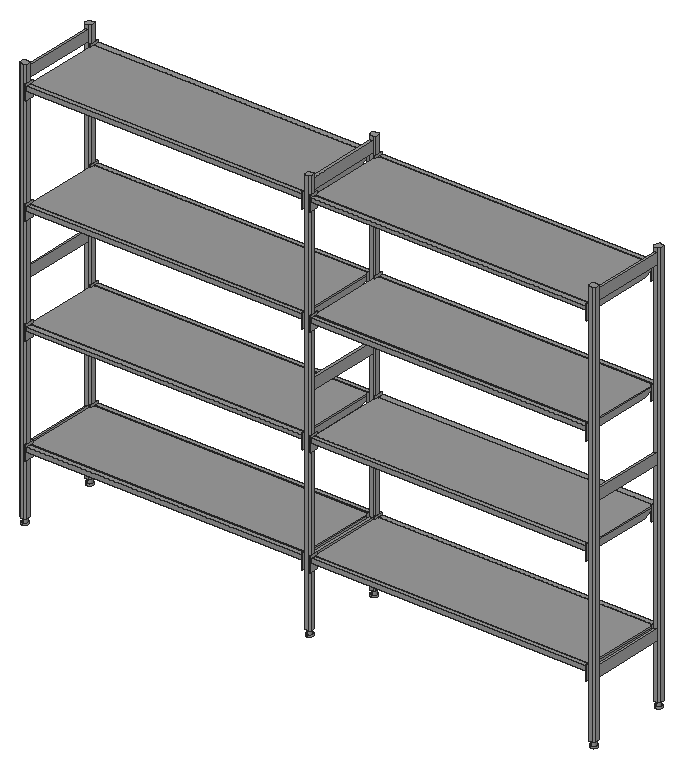
Revit family "QF_ZANUSSI_137026_ALS2404", category Attrezzature speciali, Revit 2020
Family settings
  Quota connettore circolare = Usa diametro
  Tipo di parte = Normale
  Basato su piano di lavoro = No
  Sempre verticale = Sì
  Taglio con vuoti quando caricato = No
  Condiviso = No
  Punto di calcolo locali = No
Parameters (values of type "Standard")
  Weight = 39.00 kg
  Watts = 0 W
  Volts = 0 V
  URL Manufacturer = "http://www.zanussiprofessional.com"
  URL = "http://www.zanussiprofessional.com"
  Steam Supply Size = 0 mm
  Steam Supply Minimum Pressure = 0.0 Pa
  Steam Supply Maximum Pressure = 0.0 Pa
  Steam Consumption per Hour = 0
  Refrigeration Suction Line Size = 0.0 mm
  Refrigeration Liquid Line Size = 0.0 mm
  Refrigerant Compressor Remote = yes
  Prospetto di default = 0.0 mm
  Phase = 0
  Modello = "ALS2404"
  Produttore = "Zanussi"
  Length Actual = 2404.0 mm  # constant formula
  Item Number = "137026"
  Hot Water Size = 0 mm
  Height Actual = 1700.0 mm  # constant formula
  HP = "0 HP"
  Gas Size = 0 mm
  Gas KW = 0
  Gas Input Pressure = 0 W
  Direct Waste Size = 0 mm
  Descrizione = "ALUM.LINEAR SHELV.-POLY.TIERS-373X2404MM"
  Depth Actual = 373.0 mm  # constant formula
  Cycle = 0 Hz
  Condensate Return Size = 0 mm
  Compressed Air Volume = 0.0 L/s
  Compressed Air Size = 0 mm
  Compressed Air Pressure = 0.0 Pa
  Cold Water Size = 0 mm
  Accessory = yes
Reference planes
  plane 1: z = 0
  plane 2 "CenterLeft": x = -31
  plane 3 "LEFT": x = -417
  plane 4 "BACK": y = 23
  plane 5 "FRONT": y = -350
  plane 6 "TOP": z = 1700
  plane 7: x = -385
  plane 8: x = 767
  plane 9 "Center (Front/Back)": y = -163.5
  plane 10: y = -8.5
  plane 11: y = -318.5
  plane 12 "FEET": z = 25
  plane 13: z = 275
  plane 14: z = 725
  plane 15: z = 1175
  plane 16: z = 1625
  plane 17 "CXLeft": x = -403
  plane 18 "Center (Left/Right)": x = 785
  plane 19: y = 5.5
  plane 20 "CYBack": y = 5.5
  plane 21 "CYFront": y = -332.5
  plane 22 "RIGHT": x = 1987
  plane 23: x = 1955
  plane 24 "CXRight": x = 1973
  plane 25: x = 803
Forms (mm)
  Extrusion 1, solid, material "QF_Aluminum"
    sketch origin (-417, 0, -4.006) x (0, 1, 0) y (0, 0, 1)
      loop
        line (-12, 1637.003) -> (4, 1637.003) -> (4, 1655) -> (2.007, 1655) -> (2.007, 1648.501) -> (-329, 1648.501) -> (-329, 1655) -> (-331, 1655) -> (-331, 1637.003) -> (-315, 1637.003) -> (-281, 1625) -> (-46, 1625) -> (-12, 1637.003)
      loop
        line (-12, 1187.003) -> (4, 1187.003) -> (4, 1205) -> (2.007, 1205) -> (2.007, 1198.501) -> (-329, 1198.501) -> (-329, 1205) -> (-331, 1205) -> (-331, 1187.003) -> (-315, 1187.003) -> (-281, 1175) -> (-46, 1175) -> (-12, 1187.003)
      loop
        line (-12, 737.003) -> (4, 737.003) -> (4, 755) -> (2.007, 755) -> (2.007, 748.501) -> (-329, 748.501) -> (-329, 755) -> (-331, 755) -> (-331, 737.003) -> (-315, 737.003) -> (-281, 725) -> (-46, 725) -> (-12, 737.003)
      loop
        line (-12, 287.003) -> (4, 287.003) -> (4, 305) -> (2.007, 305) -> (2.007, 298.501) -> (-329, 298.501) -> (-329, 305) -> (-331, 305) -> (-331, 287.003) -> (-315, 287.003) -> (-281, 275) -> (-46, 275) -> (-12, 287.003)
    from 37 to 32
  Extrusion 2, solid, material "QF_Aluminum"
    sketch origin (-417, 0, 0) x (0, 1, 0) y (0, 0, 1)
      loop
        line (23, 246.005) -> (23, 307.993) -> (-12.993, 307.993) -> (-12.993, 246.005) -> (23, 246.005)
      loop
        line (-350, 246.005) -> (-314.007, 246.005) -> (-314.007, 307.993) -> (-350, 307.993) -> (-350, 246.005)
      loop
        line (23, 696.005) -> (23, 757.993) -> (-12.993, 757.993) -> (-12.993, 696.005) -> (23, 696.005)
      loop
        line (-350, 696.005) -> (-314.007, 696.005) -> (-314.007, 757.993) -> (-350, 757.993) -> (-350, 696.005)
      loop
        line (23, 1146.005) -> (23, 1207.993) -> (-12.993, 1207.993) -> (-12.993, 1146.005) -> (23, 1146.005)
      loop
        line (-350, 1146.005) -> (-314.007, 1146.005) -> (-314.007, 1207.993) -> (-350, 1207.993) -> (-350, 1146.005)
      loop
        line (23, 1596.005) -> (23, 1657.993) -> (-12.993, 1657.993) -> (-12.993, 1596.005) -> (23, 1596.005)
      loop
        line (-350, 1596.005) -> (-314.007, 1596.005) -> (-314.007, 1657.993) -> (-350, 1657.993) -> (-350, 1596.005)
    from 28 to 32
  Extrusion 3, solid, material "QF_Aluminum"
    sketch origin (-417, 0, 0) x (0, 1, 0) y (0, 0, 1)
      loop
        line (4, 1650.994) -> (4, 1632.998) -> (23, 1632.998) -> (23, 1650.994) -> (4, 1650.994)
      loop
        line (-331, 1650.994) -> (-350, 1650.994) -> (-350, 1632.998) -> (-331, 1632.998) -> (-331, 1650.994)
      loop
        line (4, 1200.994) -> (4, 1182.998) -> (23, 1182.998) -> (23, 1200.994) -> (4, 1200.994)
      loop
        line (-331, 1200.994) -> (-350, 1200.994) -> (-350, 1182.998) -> (-331, 1182.998) -> (-331, 1200.994)
      loop
        line (4, 750.994) -> (4, 732.998) -> (23, 732.998) -> (23, 750.994) -> (4, 750.994)
      loop
        line (-331, 750.994) -> (-350, 750.994) -> (-350, 732.998) -> (-331, 732.998) -> (-331, 750.994)
      loop
        line (4, 300.994) -> (4, 282.998) -> (23, 282.998) -> (23, 300.994) -> (4, 300.994)
      loop
        line (-331, 300.994) -> (-350, 300.994) -> (-350, 282.998) -> (-331, 282.998) -> (-331, 300.994)
    from 32 to 1184
  Extrusion 4, solid, material "QF_Polyethylene"
    sketch origin (-417, 0, 0) x (0, 1, 0) y (0, 0, 1)
      loop
        line (2.007, 1650.994) -> (-329, 1650.994) -> (-329, 1644.496) -> (2.007, 1644.496) -> (2.007, 1650.994)
      loop
        line (2.007, 1200.994) -> (-329, 1200.994) -> (-329, 1194.496) -> (2.007, 1194.496) -> (2.007, 1200.994)
      loop
        line (2.007, 750.994) -> (-329, 750.994) -> (-329, 744.496) -> (2.007, 744.496) -> (2.007, 750.994)
      loop
        line (2.007, 300.994) -> (-329, 300.994) -> (-329, 294.496) -> (2.007, 294.496) -> (2.007, 300.994)
    from 32 to 1184
  Extrusion 5, solid, material "QF_Aluminum"
    sketch origin (1987, 0, 0) x (0, 1, 0) y (0, 0, 1)
      loop
        line (4, 1650.994) -> (4, 1632.998) -> (23, 1632.998) -> (23, 1650.994) -> (4, 1650.994)
      loop
        line (-331, 1650.994) -> (-350, 1650.994) -> (-350, 1632.998) -> (-331, 1632.998) -> (-331, 1650.994)
      loop
        line (4, 1200.994) -> (4, 1182.998) -> (23, 1182.998) -> (23, 1200.994) -> (4, 1200.994)
      loop
        line (-331, 1200.994) -> (-350, 1200.994) -> (-350, 1182.998) -> (-331, 1182.998) -> (-331, 1200.994)
      loop
        line (4, 750.994) -> (4, 732.998) -> (23, 732.998) -> (23, 750.994) -> (4, 750.994)
      loop
        line (-331, 750.994) -> (-350, 750.994) -> (-350, 732.998) -> (-331, 732.998) -> (-331, 750.994)
      loop
        line (4, 300.994) -> (4, 282.998) -> (23, 282.998) -> (23, 300.994) -> (4, 300.994)
      loop
        line (-331, 300.994) -> (-350, 300.994) -> (-350, 282.998) -> (-331, 282.998) -> (-331, 300.994)
    from -32 to -1184
  Extrusion 6, solid, material "QF_Polyethylene"
    sketch origin (1987, 0, 0) x (0, 1, 0) y (0, 0, 1)
      loop
        line (2.007, 1650.994) -> (-329, 1650.994) -> (-329, 1644.496) -> (2.007, 1644.496) -> (2.007, 1650.994)
      loop
        line (2.007, 1200.994) -> (-329, 1200.994) -> (-329, 1194.496) -> (2.007, 1194.496) -> (2.007, 1200.994)
      loop
        line (2.007, 750.994) -> (-329, 750.994) -> (-329, 744.496) -> (2.007, 744.496) -> (2.007, 750.994)
      loop
        line (2.007, 300.994) -> (-329, 300.994) -> (-329, 294.496) -> (2.007, 294.496) -> (2.007, 300.994)
    from -32 to -1184
Lines and regions (mm)
  symbolic lines
    curve 1: line (767, 4, 1700) -> (-385, 4, 1700)
    curve 2: line (-408, -8.5, 1700) -> (-408, -318.5, 1700)
    curve 3: line (-398, -318.5, 1700) -> (-398, -8.5, 1700)
    curve 4: line (-389, 23, 1700) -> (771, 23, 1700)
    curve 5: line (-385, -350, 1700) -> (767, -350, 1700)
    curve 6: line (799, 23, 1700) -> (1959, 23, 1700)
    curve 7: line (799, -350, 1700) -> (1959, -350, 1700)
    curve 8: line (-385, -331, 1700) -> (767, -331, 1700)
    curve 9: line (803, -331, 1700) -> (1955, -331, 1700)
    curve 10: line (803, 4, 1700) -> (1955, 4, 1700)
    curve 11: line (1955, -12.993, 1700) -> (1955, -314.007, 1700)
    curve 12: line (767, -12.993, 1700) -> (767, -314.007, 1700)
    curve 13: line (803, -314.007, 1700) -> (803, -12.993, 1700)
    curve 14: line (-385, -12.993, 1700) -> (-385, -314.007, 1700)
Dimensions and locks
  plane 3 "LEFT" to plane 2 "CenterLeft" = 386.0 mm
  locked: plane 6 "TOP" to level at 1700
  locked: plane 4 "BACK" to plane 5 "FRONT" at 373
  locked: plane 7 to plane 8 at 1152
  locked: plane 10 to plane 11 at 310
  equal spacing: plane 10, plane 9 "Center (Front/Back)", plane 11
  equal spacing: plane 4 "BACK", plane 9 "Center (Front/Back)", plane 5 "FRONT"
  plane 12 "FEET" to level = 25.0 mm
  plane 6 "TOP" to plane 12 "FEET" = 1675.0 mm
  plane 13 to plane 12 "FEET" = 250.0 mm
  plane 14 to plane 13 = 450.0 mm
  plane 15 to plane 14 = 450.0 mm
  plane 16 to plane 15 = 450.0 mm
  locked: plane 4 "BACK" to plane 20 "CYBack" at 17.5
  locked: plane 21 "CYFront" to plane 5 "FRONT" at 17.5
  locked: plane 4 "BACK" to Extrusion 1 at 19
  locked: Extrusion 1 to plane 5 "FRONT" at 19
  Extrusion 1 sketch curve to plane 21 "CYFront" = 3.5 mm
  plane 3 "LEFT" to plane 22 "RIGHT" = 2404.0 mm
  locked: plane 25 to plane 23 at 1152
  locked: plane 8 to plane 18 "Center (Left/Right)" at 18
  locked: plane 18 "Center (Left/Right)" to plane 25 at 18
  locked: plane 3 "LEFT" to plane 7 at 32
  locked: plane 24 "CXRight" to plane 22 "RIGHT" at 14
  aligned and locked: level to plane 1
  aligned and locked: plane 7 to Extrusion 1
  aligned and locked: Extrusion 2 to plane 7
  aligned and locked: plane 7 to Extrusion 4
  aligned and locked: Extrusion 4 to plane 8
  aligned and locked: plane 7 to Extrusion 3
  aligned and locked: Extrusion 3 to plane 8
  aligned and locked: Extrusion 3 sketch curve to Extrusion 1
  aligned and locked: Extrusion 1 to Extrusion 3 sketch curve
  aligned and locked: Extrusion 3 sketch curve to Extrusion 3 sketch curve  (x2)
  aligned and locked: Extrusion 1 sketch curve to Extrusion 1 sketch curve  (x3)
  aligned and locked: Extrusion 4 sketch curve to Extrusion 1  (x4)
  aligned and locked: Extrusion 5 sketch curve to Extrusion 5 sketch curve  (x2)
  aligned and locked: Extrusion 5 to plane 25
  aligned and locked: Extrusion 6 to plane 25
  aligned and locked: plane 18 "Center (Left/Right)" to nested 3
  aligned and locked: plane 17 "CXLeft" to nested 1
  aligned and locked: Extrusion 3 to plane 7  (x3)
  aligned and locked: plane 8 to Extrusion 3  (x4)
  aligned and locked: plane 25 to Extrusion 5  (x4)
  aligned and locked: plane 25 to Extrusion 6  (x4)
  aligned and locked: plane 8 to Extrusion 4  (x4)
  aligned and locked: plane 24 "CXRight" to nested 2
  aligned and locked: Extrusion 5 to plane 23
  aligned and locked: Extrusion 6 to plane 23
  aligned and locked: plane 23 to Extrusion 5  (x3)
  aligned and locked: plane 23 to Extrusion 6  (x3)
Automatic sketch dimensions
  plane 21 "CYFront" to Extrusion 1 sketch curve = 1.5 mm  (x4)
  plane 11 to Extrusion 1 sketch curve = 3.5 mm  (x4)
  Extrusion 1 sketch curve to plane 13 = 4.006 mm
  Extrusion 1 sketch curve to Extrusion 1 sketch curve = 34.0 mm  (x4)
  Extrusion 1 sketch curve to plane 14 = 4.006 mm
  Extrusion 1 sketch curve to plane 15 = 4.006 mm
  Extrusion 1 sketch curve to plane 16 = 4.006 mm
  Extrusion 1 sketch curve to plane 10 = 37.5 mm  (x4)
  Extrusion 1 sketch curve to plane 10 = 3.5 mm  (x4)
  plane 19 to Extrusion 1 sketch curve = 3.493 mm  (x4)
  plane 19 to Extrusion 1 sketch curve = 1.5 mm  (x4)
  plane 13 to Extrusion 1 sketch curve = 7.998 mm  (x2)
  Extrusion 1 sketch curve to Extrusion 1 sketch curve = 11.498 mm  (x4)
  Extrusion 1 sketch curve to Extrusion 1 sketch curve = 6.499 mm  (x8)
  plane 14 to Extrusion 1 sketch curve = 7.998 mm  (x2)
  plane 15 to Extrusion 1 sketch curve = 7.998 mm  (x2)
  plane 16 to Extrusion 1 sketch curve = 7.998 mm  (x2)
  Extrusion 2 sketch curve to plane 5 "FRONT" = 0.0 mm  (x4)
  Extrusion 2 sketch curve to plane 4 "BACK" = 0.0 mm  (x4)
  plane 11 to Extrusion 2 sketch curve = 4.493 mm  (x4)
  Extrusion 2 sketch curve to plane 10 = 4.493 mm  (x4)
  Extrusion 2 sketch curve to plane 13 = 28.995 mm  (x2)
  plane 13 to Extrusion 2 sketch curve = 32.993 mm  (x2)
  Extrusion 2 sketch curve to plane 14 = 28.995 mm  (x2)
  plane 14 to Extrusion 2 sketch curve = 32.993 mm  (x2)
  Extrusion 2 sketch curve to plane 15 = 28.995 mm  (x2)
  plane 15 to Extrusion 2 sketch curve = 32.993 mm  (x2)
  Extrusion 2 sketch curve to plane 16 = 28.995 mm  (x2)
  plane 16 to Extrusion 2 sketch curve = 32.993 mm  (x2)
  Extrusion 3 sketch curve to plane 5 "FRONT" = 0.0 mm  (x4)
  Extrusion 3 sketch curve to plane 4 "BACK" = 0.0 mm  (x4)
  plane 19 to Extrusion 3 sketch curve = 1.5 mm  (x4)
  plane 13 to Extrusion 3 sketch curve = 7.998 mm  (x2)
  Extrusion 3 sketch curve to Extrusion 3 sketch curve = 17.997 mm  (x8)
  plane 14 to Extrusion 3 sketch curve = 7.998 mm  (x2)
  plane 15 to Extrusion 3 sketch curve = 7.998 mm  (x2)
  plane 16 to Extrusion 3 sketch curve = 7.998 mm  (x2)
  plane 19 to Extrusion 4 sketch curve = 3.493 mm  (x4)
  plane 13 to Extrusion 4 sketch curve = 19.496 mm
  Extrusion 4 sketch curve to Extrusion 4 sketch curve = 6.499 mm  (x4)
  plane 14 to Extrusion 4 sketch curve = 19.496 mm
  plane 15 to Extrusion 4 sketch curve = 19.496 mm
  plane 16 to Extrusion 4 sketch curve = 19.496 mm
  Extrusion 5 sketch curve to plane 5 "FRONT" = 0.0 mm  (x4)
  Extrusion 5 sketch curve to plane 4 "BACK" = 0.0 mm  (x4)
  plane 21 "CYFront" to Extrusion 5 sketch curve = 1.5 mm  (x2)
  plane 19 to Extrusion 5 sketch curve = 1.5 mm  (x4)
  plane 13 to Extrusion 5 sketch curve = 7.998 mm  (x2)
  Extrusion 5 sketch curve to Extrusion 5 sketch curve = 17.997 mm  (x8)
  plane 14 to Extrusion 5 sketch curve = 7.998 mm  (x2)
  plane 15 to Extrusion 5 sketch curve = 7.998 mm  (x2)
  plane 16 to Extrusion 5 sketch curve = 7.998 mm  (x2)
  plane 21 "CYFront" to Extrusion 6 sketch curve = 3.5 mm  (x4)
  plane 19 to Extrusion 6 sketch curve = 3.493 mm  (x4)
  plane 13 to Extrusion 6 sketch curve = 19.496 mm
  Extrusion 6 sketch curve to Extrusion 6 sketch curve = 6.499 mm  (x4)
  plane 14 to Extrusion 6 sketch curve = 19.496 mm
  plane 15 to Extrusion 6 sketch curve = 19.496 mm
  plane 16 to Extrusion 6 sketch curve = 19.496 mm
  curve 7 to plane 5 "FRONT" = 0.0 mm
  curve 5 to plane 5 "FRONT" = 0.0 mm
  curve 8 to plane 8 = 0.0 mm
  curve 9 to plane 25 = 0.0 mm
  curve 9 to plane 23 = 0.0 mm
  curve 8 to plane 7 = 0.0 mm
  curve 2 to plane 11 = 0.0 mm
  curve 3 to plane 11 = 0.0 mm
  curve 14 to plane 7 = 0.0 mm
  curve 13 to plane 25 = 0.0 mm
  curve 12 to plane 8 = 0.0 mm
  curve 11 to plane 23 = 0.0 mm
  curve 3 to plane 10 = 0.0 mm
  curve 2 to plane 10 = 0.0 mm
  curve 1 to plane 8 = 0.0 mm
  curve 1 to plane 7 = 0.0 mm
  curve 10 to plane 23 = 0.0 mm
  curve 10 to plane 25 = 0.0 mm
  curve 4 to plane 4 "BACK" = 0.0 mm
  curve 6 to plane 4 "BACK" = 0.0 mm
  curve 5 to plane 8 = 0.0 mm
  curve 5 to plane 7 = 0.0 mm
  plane 21 "CYFront" to curve 8 = 1.5 mm
  plane 21 "CYFront" to curve 9 = 1.5 mm
  plane 11 to curve 14 = 4.493 mm
  plane 11 to curve 13 = 4.493 mm
  plane 11 to curve 12 = 4.493 mm
  plane 11 to curve 11 = 4.493 mm
  curve 14 to plane 10 = 4.493 mm
  curve 13 to plane 10 = 4.493 mm
  curve 12 to plane 10 = 4.493 mm
  curve 11 to plane 10 = 4.493 mm
  plane 19 to curve 1 = 1.5 mm
  plane 19 to curve 10 = 1.5 mm
  curve 6 to plane 23 = 4.0 mm
  curve 7 to plane 23 = 4.0 mm
  curve 6 to plane 25 = 4.0 mm
  curve 7 to plane 25 = 4.0 mm
  curve 4 to plane 8 = 4.0 mm
  plane 7 to curve 4 = 4.0 mm
  plane 17 "CXLeft" to curve 3 = 5.0 mm
  curve 2 to plane 17 "CXLeft" = 5.0 mm
Nested families
  nested 1: "WT_Anta373" at (0, 0, 0), type "WT_Anta373"
  nested 2: "WT_Anta373" at (1570, 0, 0) x (-1, 0, 0) z (0, 0, 1), type "WT_Anta373"
  nested 3: "WT_Anta373Center" at (1188, 0, 0), type "WT_Anta373Center"
Definition of nested family "WT_Anta373"
  Parameters
    WidthLeft = A + 64.0 mm  # 772.0 mm
    Width = 1606.0 mm
    Right = WidthLeft / 2  # 386.0 mm
    Default Elevation = 0.0 mm
    Left = -WidthLeft / 2  # -386.0 mm
    Height = 1725.0 mm
    FEET = 25.0 mm
    E = 0.0 mm
    Dint = Depth - 63.0 mm  # 310.0 mm
    Dext = Depth - 8.0 mm  # 365.0 mm
    Depth = 373.0 mm
    DX = (WidthLeft - A) / 2  # 32.0 mm
    B = 798.0 mm
    A = 708.0 mm
  Reference planes
    plane 1: z = 0
    plane 2 "LEFT": x = -417
    plane 3 "BACK": y = 23
    plane 4 "FRONT": y = -350
    plane 5 "TOP": z = 1725
    plane 6 "Center (Front/Back)": y = -163.5
    plane 7: y = -8.5
    plane 8: y = -318.5
    plane 9 "FEET": z = 25
    plane 10: z = 275
    plane 11: z = 725
    plane 12: z = 1175
    plane 13: z = 1625
    plane 14 "CXLeft": x = -403
    plane 15: y = 5.5
    plane 16 "CYBack": y = 5.5
    plane 17 "CYFront": y = -332.5
    plane 18: x = -385.031
    plane 19: x = -380.031
  Forms (mm)
    Extrusion 1, solid
      sketch origin (0, 0, 0) x (1, 0, 0) y (0, 1, 0)
        loop
          line (-417, 13.246) -> (-417, -2.246) -> (-410.746, -8.5) -> (-395.254, -8.5) -> (-389, -2.246) -> (-389, 13.246) -> (-395.254, 19.5) -> (-410.746, 19.5) -> (-417, 13.246)
      from 1725 to 25
    Extrusion 2, solid
      sketch origin (-417, 0, 0) x (0, 1, 0) y (0, 0, 1)
        loop
          line (23, 246.005) -> (23, 307.993) -> (-12.993, 307.993) -> (-12.993, 246.005) -> (23, 246.005)
        loop
          line (-350, 246.005) -> (-314.007, 246.005) -> (-314.007, 307.993) -> (-350, 307.993) -> (-350, 246.005)
        loop
          line (23, 696.005) -> (23, 757.993) -> (-12.993, 757.993) -> (-12.993, 696.005) -> (23, 696.005)
        loop
          line (-350, 696.005) -> (-314.007, 696.005) -> (-314.007, 757.993) -> (-350, 757.993) -> (-350, 696.005)
        loop
          line (23, 1146.005) -> (23, 1207.993) -> (-12.993, 1207.993) -> (-12.993, 1146.005) -> (23, 1146.005)
        loop
          line (-350, 1146.005) -> (-314.007, 1146.005) -> (-314.007, 1207.993) -> (-350, 1207.993) -> (-350, 1146.005)
        loop
          line (23, 1596.005) -> (23, 1657.993) -> (-12.993, 1657.993) -> (-12.993, 1596.005) -> (23, 1596.005)
        loop
          line (-350, 1596.005) -> (-314.007, 1596.005) -> (-314.007, 1657.993) -> (-350, 1657.993) -> (-350, 1596.005)
      from 28 to 32
    Revolve 3, solid
      sketch origin (-403, 0, 0) x (0, 1, 0) y (0, 0, 1)
        loop
          line (5.5, 25) -> (5.5, 0) -> (19, 0) -> (19, 5) -> (14, 5) -> (14, 25) -> (5.5, 25)
        axis (5.5, 25) -> (5.5, 0)
      angle from 0 to 360
    Extrusion 4, solid
      sketch origin (-403, 0, 0) x (0, 1, 0) y (0, 0, 1)
        loop
          line (-8.5, 912.382) -> (-8.5, 957.374) -> (-318.5, 957.374) -> (-318.5, 912.382) -> (-8.5, 912.382)
        loop
          line (-8.5, 1662.244) -> (-8.5, 1707.236) -> (-318.5, 1707.236) -> (-318.5, 1662.244) -> (-8.5, 1662.244)
      from -5 to 5
    Revolve 5, solid
      sketch origin (-403, -627, 0) x (0, -1, 0) y (0, 0, 1)
        loop
          line (-294.5, 25) -> (-294.5, 0) -> (-281, 0) -> (-281, 5) -> (-286, 5) -> (-286, 25) -> (-294.5, 25)
        axis (-294.5, 25) -> (-294.5, 0)
      angle from 0 to 360
    Extrusion 6, solid
      sketch origin (0, -627, 0) x (1, 0, 0) y (0, 1, 0)
        loop
          line (-417, 286.754) -> (-410.746, 280.5) -> (-395.254, 280.5) -> (-389, 286.754) -> (-389, 302.246) -> (-395.254, 308.5) -> (-410.746, 308.5) -> (-417, 302.246) -> (-417, 286.754)
      from 1725 to 25
    Extrusion 7, solid
      sketch origin (-417.031, -0.022, 0) x (0, 1, 0) y (0, 0, -1)
        loop
          line (-12, -1632.998) -> (-46, -1620.994) -> (-281, -1620.994) -> (-315, -1632.998) -> (-331, -1632.998) -> (-331, -1650.994) -> (-329, -1650.994) -> (-329, -1644.496) -> (2.007, -1644.496) -> (2.007, -1650.994) -> (4, -1650.994) -> (4, -1632.998) -> (-12, -1632.998)
        loop
          line (-12, -1182.998) -> (-46, -1170.994) -> (-281, -1170.994) -> (-315, -1182.998) -> (-331, -1182.998) -> (-331, -1200.994) -> (-329, -1200.994) -> (-329, -1194.496) -> (2.007, -1194.496) -> (2.007, -1200.994) -> (4, -1200.994) -> (4, -1182.998) -> (-12, -1182.998)
        loop
          line (-12, -732.998) -> (-46, -720.994) -> (-281, -720.994) -> (-315, -732.998) -> (-331, -732.998) -> (-331, -750.994) -> (-329, -750.994) -> (-329, -744.496) -> (2.007, -744.496) -> (2.007, -750.994) -> (4, -750.994) -> (4, -732.998) -> (-12, -732.998)
        loop
          line (-12, -282.998) -> (-46, -270.994) -> (-281, -270.994) -> (-315, -282.998) -> (-331, -282.998) -> (-331, -300.994) -> (-329, -300.994) -> (-329, -294.496) -> (2.007, -294.496) -> (2.007, -300.994) -> (4, -300.994) -> (4, -282.998) -> (-12, -282.998)
      from -32 to -37
    Extrusion 8, solid
      sketch origin (-403, 0, -659.878) x (0, 1, 0) y (0, 0, 1)
        loop
          line (-8.5, 912.382) -> (-8.5, 957.374) -> (-318.5, 957.374) -> (-318.5, 912.382) -> (-8.5, 912.382)
        loop
          line (-8.5, 1572.382) -> (-8.5, 1617.374) -> (-318.5, 1617.374) -> (-318.5, 1572.382) -> (-8.5, 1572.382)
        loop
          line (-8.5, 2322.382) -> (-8.5, 2367.374) -> (-318.5, 2367.374) -> (-318.5, 2322.382) -> (-8.5, 2322.382)
      from -5 to 5
  Lines and regions (mm)
    symbolic lines
      curve 1: line (-408, -8.5, 1725) -> (-408, -318.5, 1725)
      curve 2: line (-398, -318.5, 1725) -> (-398, -8.5, 1725)
      curve 3: line (-395.254, -8.5, 1725) -> (-410.746, -8.5, 1725)
      curve 4: line (-417, -2.246, 1725) -> (-410.746, -8.5, 1725)
      curve 5: line (-417, 13.246, 1725) -> (-417, -2.246, 1725)
      curve 6: line (-410.746, 19.5, 1725) -> (-417, 13.246, 1725)
      curve 7: line (-395.254, 19.5, 1725) -> (-410.746, 19.5, 1725)
      curve 8: line (-389, 13.246, 1725) -> (-395.254, 19.5, 1725)
      curve 9: line (-395.254, -8.5, 1725) -> (-389, -2.246, 1725)
      curve 10: line (-395.254, -318.5, 1725) -> (-410.746, -318.5, 1725)
      curve 11: line (-417, -324.754, 1725) -> (-410.746, -318.5, 1725)
      curve 12: line (-410.746, -346.5, 1725) -> (-417, -340.246, 1725)
      curve 13: line (-395.254, -346.5, 1725) -> (-410.746, -346.5, 1725)
      curve 14: line (-389, -340.246, 1725) -> (-395.254, -346.5, 1725)
      curve 15: line (-395.254, -318.5, 1725) -> (-389, -324.754, 1725)
      curve 16: line (-389, -350, 1725) -> (-389, -314.007, 1725)
      curve 17: line (-389, -314.007, 1725) -> (-385, -314.007, 1725)
      curve 18: line (-389, 23, 1725) -> (-389, -12.993, 1725)
      curve 19: line (-389, -12.993, 1725) -> (-385, -12.993, 1725)
      curve 20: line (-417, -324.754, 1725) -> (-417, -340.246, 1725)
      curve 21: line (-385, -350, 1725) -> (-385, -314.007, 1725)
      curve 22: line (-385, -350, 1725) -> (-389, -350, 1725)
      curve 23: line (-385, 23, 1725) -> (-389, 23, 1725)
      curve 24: line (-385, -12.993, 1725) -> (-385, 23, 1725)
      curve 25: line (-385.031, -13.016, 1725) -> (-385.031, -314.029, 1725)
  Dimensions and locks
    "Height": plane 5 "TOP" to level
    "Depth": plane 3 "BACK" to plane 4 "FRONT"
    "Dint": plane 7 to plane 8
    equal spacing: plane 7, plane 6 "Center (Front/Back)", plane 8
    equal spacing: plane 3 "BACK", plane 6 "Center (Front/Back)", plane 4 "FRONT"
    plane 9 "FEET" to level = 25.0 mm
    plane 5 "TOP" to plane 9 "FEET" = 1700.0 mm
    plane 10 to plane 9 "FEET" = 250.0 mm
    plane 11 to plane 10 = 450.0 mm
    plane 12 to plane 11 = 450.0 mm
    plane 13 to plane 12 = 450.0 mm
    locked: plane 2 "LEFT" to plane 14 "CXLeft" at 14
    locked: plane 3 "BACK" to plane 16 "CYBack" at 17.5
    locked: plane 17 "CYFront" to plane 4 "FRONT" at 17.5
    locked: Revolve 3 sketch curve to Revolve 3 sketch curve at 8.5
    locked: Revolve 3 sketch curve to plane 16 "CYBack" at 13.5
    locked: Revolve 5 sketch curve to Revolve 5 sketch curve at 8.5
    aligned and locked: level to plane 1
    aligned and locked: curve 20 to Extrusion 6
    aligned and locked: plane 5 "TOP" to Extrusion 1
    aligned and locked: plane 5 "TOP" to Extrusion 6
    aligned and locked: Extrusion 7 sketch curve to Extrusion 7 sketch curve  (x3)
  Automatic sketch dimensions
    curve 16 to plane 4 "FRONT" = 0.0 mm
    curve 11 to plane 8 = 0.0 mm
    curve 9 to plane 7 = 0.0 mm
    curve 5 to plane 2 "LEFT" = 0.0 mm
    curve 23 to plane 3 "BACK" = 0.0 mm
    plane 4 "FRONT" to curve 13 = 3.5 mm
    curve 20 to plane 17 "CYFront" = 7.746 mm
    curve 20 to plane 8 = 6.254 mm
    plane 8 to curve 16 = 4.493 mm
    curve 24 to plane 18 = 0.031 mm
    curve 24 to plane 7 = 4.493 mm
    plane 7 to curve 5 = 6.254 mm
    curve 5 to plane 15 = 7.746 mm
    curve 6 to plane 3 "BACK" = 3.5 mm
    curve 21 to plane 18 = 0.031 mm
    plane 18 to curve 23 = 3.969 mm
    plane 18 to curve 16 = 3.969 mm
    curve 18 to curve 8 = 6.254 mm
    curve 18 to curve 3 = 6.254 mm
    curve 16 to curve 13 = 6.254 mm
    curve 16 to curve 15 = 6.254 mm
    plane 2 "LEFT" to curve 10 = 6.254 mm
    plane 2 "LEFT" to curve 7 = 6.254 mm
    plane 2 "LEFT" to curve 12 = 6.254 mm
    plane 2 "LEFT" to curve 3 = 6.254 mm
    curve 14 to plane 17 "CYFront" = 7.746 mm
    curve 15 to plane 8 = 6.254 mm
    plane 7 to curve 9 = 6.254 mm
    curve 8 to plane 15 = 7.746 mm
    curve 3 to curve 2 = 2.746 mm
    curve 1 to curve 10 = 2.746 mm
    Extrusion 1 sketch curve to plane 2 "LEFT" = 0.0 mm
    Extrusion 1 sketch curve to plane 7 = 0.0 mm
    plane 2 "LEFT" to Extrusion 1 sketch curve = 6.254 mm  (x2)
    plane 14 "CXLeft" to Extrusion 1 sketch curve = 7.746 mm  (x2)
    Extrusion 1 sketch curve to plane 3 "BACK" = 3.5 mm
    plane 18 to Extrusion 1 sketch curve = 3.969 mm
    plane 7 to Extrusion 1 sketch curve = 6.254 mm  (x2)
    Extrusion 1 sketch curve to plane 15 = 7.746 mm  (x2)
    Extrusion 2 sketch curve to plane 4 "FRONT" = 0.0 mm  (x4)
    Extrusion 2 sketch curve to plane 3 "BACK" = 0.0 mm  (x4)
    plane 8 to Extrusion 2 sketch curve = 4.493 mm  (x4)
    Extrusion 2 sketch curve to plane 7 = 4.493 mm  (x4)
    Extrusion 2 sketch curve to plane 10 = 28.995 mm  (x2)
    plane 10 to Extrusion 2 sketch curve = 32.993 mm  (x2)
    Extrusion 2 sketch curve to plane 11 = 28.995 mm  (x2)
    plane 11 to Extrusion 2 sketch curve = 32.993 mm  (x2)
    Extrusion 2 sketch curve to plane 12 = 28.995 mm  (x2)
    plane 12 to Extrusion 2 sketch curve = 32.993 mm  (x2)
    Extrusion 2 sketch curve to plane 13 = 28.995 mm  (x2)
    plane 13 to Extrusion 2 sketch curve = 32.993 mm  (x2)
    Revolve 3 sketch curve to plane 9 "FEET" = 0.0 mm  (x2)
    Revolve 3 sketch curve to plane 15 = 0.0 mm  (x2)
    Revolve 3 sketch curve to level = 0.0 mm
    level to Revolve 3 sketch curve = 5.0 mm
    Revolve 3 sketch curve to Revolve 3 sketch curve = 11.655 mm
    Extrusion 4 sketch curve to plane 8 = 0.0 mm  (x2)
    Extrusion 4 sketch curve to plane 7 = 0.0 mm  (x2)
    plane 11 to Extrusion 4 sketch curve = 187.382 mm
    Extrusion 4 sketch curve to Extrusion 4 sketch curve = 44.992 mm
    plane 13 to Extrusion 4 sketch curve = 37.244 mm
    Extrusion 4 sketch curve to plane 5 "TOP" = 17.764 mm
    Revolve 5 sketch curve to plane 9 "FEET" = 0.0 mm  (x2)
    Revolve 5 sketch curve to plane 17 "CYFront" = 0.0 mm  (x2)
    Revolve 5 sketch curve to level = 0.0 mm
    Revolve 5 sketch curve to plane 4 "FRONT" = 4.0 mm
    Revolve 5 sketch curve to Revolve 5 sketch curve = 5.0 mm
    level to Revolve 5 sketch curve = 11.655 mm
    Extrusion 6 sketch curve to plane 2 "LEFT" = 0.0 mm
    Extrusion 6 sketch curve to plane 8 = 0.0 mm
    Extrusion 6 sketch curve to plane 2 "LEFT" = 6.254 mm  (x2)
    Extrusion 6 sketch curve to plane 14 "CXLeft" = 7.746 mm  (x2)
    Extrusion 6 sketch curve to plane 4 "FRONT" = 3.5 mm
    Extrusion 6 sketch curve to plane 18 = 3.969 mm
    plane 8 to Extrusion 6 sketch curve = 6.254 mm  (x2)
    plane 17 "CYFront" to Extrusion 6 sketch curve = 7.746 mm  (x2)
    plane 17 "CYFront" to Extrusion 7 sketch curve = 1.478 mm  (x4)
    Extrusion 7 sketch curve to Extrusion 7 sketch curve = 2.0 mm
    plane 8 to Extrusion 7 sketch curve = 3.478 mm  (x4)
    Extrusion 7 sketch curve to plane 10 = 4.006 mm
    Extrusion 7 sketch curve to Extrusion 7 sketch curve = 34.0 mm  (x4)
    Extrusion 7 sketch curve to plane 11 = 4.006 mm
    Extrusion 7 sketch curve to plane 12 = 4.006 mm
    Extrusion 7 sketch curve to plane 13 = 4.006 mm
    Extrusion 7 sketch curve to plane 7 = 37.522 mm  (x4)
    Extrusion 7 sketch curve to plane 7 = 3.522 mm  (x4)
    plane 15 to Extrusion 7 sketch curve = 3.516 mm  (x4)
    plane 15 to Extrusion 7 sketch curve = 1.522 mm  (x4)
    plane 13 to Extrusion 7 sketch curve = 7.998 mm  (x2)
    Extrusion 7 sketch curve to Extrusion 7 sketch curve = 11.498 mm
    Extrusion 7 sketch curve to Extrusion 7 sketch curve = 6.499 mm  (x5)
    plane 12 to Extrusion 7 sketch curve = 25.994 mm  (x2)
    plane 12 to Extrusion 7 sketch curve = 7.998 mm  (x2)
    plane 11 to Extrusion 7 sketch curve = 25.994 mm  (x2)
    plane 11 to Extrusion 7 sketch curve = 7.998 mm  (x2)
    plane 10 to Extrusion 7 sketch curve = 25.994 mm  (x2)
    plane 10 to Extrusion 7 sketch curve = 7.998 mm  (x2)
    curve 25 to plane 18 = 0.0 mm
    plane 8 to curve 25 = 4.471 mm
    curve 25 to plane 7 = 4.516 mm
    Extrusion 8 sketch curve to plane 8 = 0.0 mm  (x3)
    Extrusion 8 sketch curve to plane 7 = 0.0 mm  (x3)
    Extrusion 8 sketch curve to plane 10 = 22.496 mm
    plane 10 to Extrusion 8 sketch curve = 22.496 mm
    plane 11 to Extrusion 8 sketch curve = 187.504 mm
    Extrusion 8 sketch curve to Extrusion 8 sketch curve = 44.992 mm
    plane 13 to Extrusion 8 sketch curve = 37.504 mm
    Extrusion 8 sketch curve to plane 5 "TOP" = 17.504 mm
Definition of nested family "WT_Anta373Center"
  Parameters
    WidthLeft = A + 64.0 mm  # 772.0 mm
    Width = 1606.0 mm
    Right = WidthLeft / 2  # 386.0 mm
    Default Elevation = 0.0 mm
    Left = -WidthLeft / 2  # -386.0 mm
    Height = 1725.0 mm
    FEET = 25.0 mm
    E = 0.0 mm
    Dint = Depth - 63.0 mm  # 310.0 mm
    Dext = Depth - 8.0 mm  # 365.0 mm
    Depth = 373.0 mm
    DX = (WidthLeft - A) / 2  # 32.0 mm
    B = 798.0 mm
    A = 708.0 mm
  Reference planes
    plane 1: z = 0
    plane 2 "L": x = -417
    plane 3 "BACK": y = 23
    plane 4 "FRONT": y = -350
    plane 5 "TOP": z = 1725
    plane 6 "Center (Front/Back)": y = -163.5
    plane 7: y = -8.5
    plane 8: y = -318.5
    plane 9 "FEET": z = 25
    plane 10: z = 275
    plane 11: z = 725
    plane 12: z = 1175
    plane 13: z = 1625
    plane 14 "CXLeft": x = -403
    plane 15: y = 5.5
    plane 16 "CYBack": y = 5.5
    plane 17 "CYFront": y = -332.5
    plane 18: x = -385.031
    plane 19 "RIGHT": x = -380.031
    plane 20: x = -420.969
    plane 21 "LEFT": x = -425.969
  Forms (mm)
    Extrusion 1, solid
      sketch origin (0, 0, 0) x (1, 0, 0) y (0, 1, 0)
        loop
          line (-417, 13.246) -> (-417, -2.246) -> (-410.746, -8.5) -> (-395.254, -8.5) -> (-389, -2.246) -> (-389, 13.246) -> (-395.254, 19.5) -> (-410.746, 19.5) -> (-417, 13.246)
      from 1725 to 25
    Extrusion 2, solid
      sketch origin (-417, 0, 0) x (0, 1, 0) y (0, 0, 1)
        loop
          line (23, 246.005) -> (23, 307.993) -> (-12.993, 307.993) -> (-12.993, 246.005) -> (23, 246.005)
        loop
          line (-350, 246.005) -> (-314.007, 246.005) -> (-314.007, 307.993) -> (-350, 307.993) -> (-350, 246.005)
        loop
          line (23, 696.005) -> (23, 757.993) -> (-12.993, 757.993) -> (-12.993, 696.005) -> (23, 696.005)
        loop
          line (-350, 696.005) -> (-314.007, 696.005) -> (-314.007, 757.993) -> (-350, 757.993) -> (-350, 696.005)
        loop
          line (23, 1146.005) -> (23, 1207.993) -> (-12.993, 1207.993) -> (-12.993, 1146.005) -> (23, 1146.005)
        loop
          line (-350, 1146.005) -> (-314.007, 1146.005) -> (-314.007, 1207.993) -> (-350, 1207.993) -> (-350, 1146.005)
        loop
          line (23, 1596.005) -> (23, 1657.993) -> (-12.993, 1657.993) -> (-12.993, 1596.005) -> (23, 1596.005)
        loop
          line (-350, 1596.005) -> (-314.007, 1596.005) -> (-314.007, 1657.993) -> (-350, 1657.993) -> (-350, 1596.005)
      from 28 to 32
    Revolve 3, solid
      sketch origin (-403, 0, 0) x (0, 1, 0) y (0, 0, 1)
        loop
          line (5.5, 25) -> (5.5, 0) -> (19, 0) -> (19, 5) -> (14, 5) -> (14, 25) -> (5.5, 25)
        axis (5.5, 25) -> (5.5, 0)
      angle from 0 to 360
    Extrusion 4, solid
      sketch origin (-403, 0, 0) x (0, 1, 0) y (0, 0, 1)
        loop
          line (-8.5, 912.382) -> (-8.5, 957.374) -> (-318.5, 957.374) -> (-318.5, 912.382) -> (-8.5, 912.382)
        loop
          line (-8.5, 1662.244) -> (-8.5, 1707.236) -> (-318.5, 1707.236) -> (-318.5, 1662.244) -> (-8.5, 1662.244)
      from -5 to 5
    Revolve 5, solid
      sketch origin (-403, -627, 0) x (0, -1, 0) y (0, 0, 1)
        loop
          line (-294.5, 25) -> (-294.5, 0) -> (-281, 0) -> (-281, 5) -> (-286, 5) -> (-286, 25) -> (-294.5, 25)
        axis (-294.5, 25) -> (-294.5, 0)
      angle from 0 to 360
    Extrusion 6, solid
      sketch origin (0, -627, 0) x (1, 0, 0) y (0, 1, 0)
        loop
          line (-417, 286.754) -> (-410.746, 280.5) -> (-395.254, 280.5) -> (-389, 286.754) -> (-389, 302.246) -> (-395.254, 308.5) -> (-410.746, 308.5) -> (-417, 302.246) -> (-417, 286.754)
      from 1725 to 25
    Extrusion 7, solid
      sketch origin (-417.031, -0.022, 0) x (0, 1, 0) y (0, 0, -1)
        loop
          line (-12, -1632.998) -> (-46, -1620.994) -> (-281, -1620.994) -> (-315, -1632.998) -> (-331, -1632.998) -> (-331, -1650.994) -> (-329, -1650.994) -> (-329, -1644.496) -> (2.007, -1644.496) -> (2.007, -1650.994) -> (4, -1650.994) -> (4, -1632.998) -> (-12, -1632.998)
        loop
          line (-12, -1182.998) -> (-46, -1170.994) -> (-281, -1170.994) -> (-315, -1182.998) -> (-331, -1182.998) -> (-331, -1200.994) -> (-329, -1200.994) -> (-329, -1194.496) -> (2.007, -1194.496) -> (2.007, -1200.994) -> (4, -1200.994) -> (4, -1182.998) -> (-12, -1182.998)
        loop
          line (-12, -732.998) -> (-46, -720.994) -> (-281, -720.994) -> (-315, -732.998) -> (-331, -732.998) -> (-331, -750.994) -> (-329, -750.994) -> (-329, -744.496) -> (2.007, -744.496) -> (2.007, -750.994) -> (4, -750.994) -> (4, -732.998) -> (-12, -732.998)
        loop
          line (-12, -282.998) -> (-46, -270.994) -> (-281, -270.994) -> (-315, -282.998) -> (-331, -282.998) -> (-331, -300.994) -> (-329, -300.994) -> (-329, -294.496) -> (2.007, -294.496) -> (2.007, -300.994) -> (4, -300.994) -> (4, -282.998) -> (-12, -282.998)
      from -32 to -37
    Extrusion 8, solid
      sketch origin (-403, 0, -659.878) x (0, 1, 0) y (0, 0, 1)
        loop
          line (-8.5, 912.382) -> (-8.5, 957.374) -> (-318.5, 957.374) -> (-318.5, 912.382) -> (-8.5, 912.382)
        loop
          line (-8.5, 1572.382) -> (-8.5, 1617.374) -> (-318.5, 1617.374) -> (-318.5, 1572.382) -> (-8.5, 1572.382)
        loop
          line (-8.5, 2322.382) -> (-8.5, 2367.374) -> (-318.5, 2367.374) -> (-318.5, 2322.382) -> (-8.5, 2322.382)
      from -5 to 5
    Extrusion 9, solid
      sketch origin (-389, 0, 0) x (0, 1, 0) y (0, 0, -1)
        loop
          line (23, -246.005) -> (-12.993, -246.005) -> (-12.993, -307.993) -> (23, -307.993) -> (23, -246.005)
        loop
          line (-350, -246.005) -> (-350, -307.993) -> (-314.007, -307.993) -> (-314.007, -246.005) -> (-350, -246.005)
        loop
          line (23, -696.005) -> (-12.993, -696.005) -> (-12.993, -757.993) -> (23, -757.993) -> (23, -696.005)
        loop
          line (-350, -696.005) -> (-350, -757.993) -> (-314.007, -757.993) -> (-314.007, -696.005) -> (-350, -696.005)
        loop
          line (23, -1146.005) -> (-12.993, -1146.005) -> (-12.993, -1207.993) -> (23, -1207.993) -> (23, -1146.005)
        loop
          line (-350, -1146.005) -> (-350, -1207.993) -> (-314.007, -1207.993) -> (-314.007, -1146.005) -> (-350, -1146.005)
        loop
          line (23, -1596.005) -> (-12.993, -1596.005) -> (-12.993, -1657.993) -> (23, -1657.993) -> (23, -1596.005)
        loop
          line (-350, -1596.005) -> (-350, -1657.993) -> (-314.007, -1657.993) -> (-314.007, -1596.005) -> (-350, -1596.005)
      from 28 to 32
    Extrusion 10, solid
      sketch origin (-388.969, -0.022, 0) x (0, 1, 0) y (0, 0, 1)
        loop
          line (-12, 1632.998) -> (4, 1632.998) -> (4, 1650.994) -> (2.007, 1650.994) -> (2.007, 1644.496) -> (-329, 1644.496) -> (-329, 1650.994) -> (-331, 1650.994) -> (-331, 1632.998) -> (-315, 1632.998) -> (-281, 1620.994) -> (-46, 1620.994) -> (-12, 1632.998)
        loop
          line (-12, 1182.998) -> (4, 1182.998) -> (4, 1200.994) -> (2.007, 1200.994) -> (2.007, 1194.496) -> (-329, 1194.496) -> (-329, 1200.994) -> (-331, 1200.994) -> (-331, 1182.998) -> (-315, 1182.998) -> (-281, 1170.994) -> (-46, 1170.994) -> (-12, 1182.998)
        loop
          line (-12, 732.998) -> (4, 732.998) -> (4, 750.994) -> (2.007, 750.994) -> (2.007, 744.496) -> (-329, 744.496) -> (-329, 750.994) -> (-331, 750.994) -> (-331, 732.998) -> (-315, 732.998) -> (-281, 720.994) -> (-46, 720.994) -> (-12, 732.998)
        loop
          line (-12, 282.998) -> (4, 282.998) -> (4, 300.994) -> (2.007, 300.994) -> (2.007, 294.496) -> (-329, 294.496) -> (-329, 300.994) -> (-331, 300.994) -> (-331, 282.998) -> (-315, 282.998) -> (-281, 270.994) -> (-46, 270.994) -> (-12, 282.998)
      from -32 to -37
  Lines and regions (mm)
    symbolic lines
      curve 1: line (-408, -8.5, 1725) -> (-408, -318.5, 1725)
      curve 2: line (-398, -318.5, 1725) -> (-398, -8.5, 1725)
      curve 3: line (-395.254, -8.5, 1725) -> (-410.746, -8.5, 1725)
      curve 4: line (-417, -2.246, 1725) -> (-410.746, -8.5, 1725)
      curve 5: line (-410.746, 19.5, 1725) -> (-417, 13.246, 1725)
      curve 6: line (-395.254, 19.5, 1725) -> (-410.746, 19.5, 1725)
      curve 7: line (-389, 13.246, 1725) -> (-395.254, 19.5, 1725)
      curve 8: line (-395.254, -8.5, 1725) -> (-389, -2.246, 1725)
      curve 9: line (-395.254, -318.5, 1725) -> (-410.746, -318.5, 1725)
      curve 10: line (-417, -324.754, 1725) -> (-410.746, -318.5, 1725)
      curve 11: line (-410.746, -346.5, 1725) -> (-417, -340.246, 1725)
      curve 12: line (-395.254, -346.5, 1725) -> (-410.746, -346.5, 1725)
      curve 13: line (-389, -340.246, 1725) -> (-395.254, -346.5, 1725)
      curve 14: line (-395.254, -318.5, 1725) -> (-389, -324.754, 1725)
      curve 15: line (-389, -350, 1725) -> (-389, -314.007, 1725)
      curve 16: line (-389, -314.007, 1725) -> (-385, -314.007, 1725)
      curve 17: line (-389, 23, 1725) -> (-389, -12.993, 1725)
      curve 18: line (-389, -12.993, 1725) -> (-385, -12.993, 1725)
      curve 19: line (-385, -350, 1725) -> (-385, -314.007, 1725)
      curve 20: line (-385, -350, 1725) -> (-389, -350, 1725)
      curve 21: line (-385, 23, 1725) -> (-389, 23, 1725)
      curve 22: line (-385, -12.993, 1725) -> (-385, 23, 1725)
      curve 23: line (-385.031, -13.016, 1725) -> (-385.031, -314.029, 1725)
      curve 24: line (-417, -350, 1725) -> (-417, -314.007, 1725)
      curve 25: line (-417, -314.007, 1725) -> (-421, -314.007, 1725)
      curve 26: line (-417, 23, 1725) -> (-417, -12.993, 1725)
      curve 27: line (-417, -12.993, 1725) -> (-421, -12.993, 1725)
      curve 28: line (-421, -350, 1725) -> (-421, -314.007, 1725)
      curve 29: line (-421, -350, 1725) -> (-417, -350, 1725)
      curve 30: line (-421, 23, 1725) -> (-417, 23, 1725)
      curve 31: line (-421, -12.993, 1725) -> (-421, 23, 1725)
      curve 32: line (-420.969, -13.016, 1725) -> (-420.969, -314.029, 1725)
  Dimensions and locks
    "Height": plane 5 "TOP" to level
    "Depth": plane 3 "BACK" to plane 4 "FRONT"
    "Dint": plane 7 to plane 8
    equal spacing: plane 7, plane 6 "Center (Front/Back)", plane 8
    equal spacing: plane 3 "BACK", plane 6 "Center (Front/Back)", plane 4 "FRONT"
    plane 9 "FEET" to level = 25.0 mm
    plane 5 "TOP" to plane 9 "FEET" = 1700.0 mm
    plane 10 to plane 9 "FEET" = 250.0 mm
    plane 11 to plane 10 = 450.0 mm
    plane 12 to plane 11 = 450.0 mm
    plane 13 to plane 12 = 450.0 mm
    locked: plane 3 "BACK" to plane 16 "CYBack" at 17.5
    locked: plane 17 "CYFront" to plane 4 "FRONT" at 17.5
    locked: Revolve 3 sketch curve to Revolve 3 sketch curve at 8.5
    locked: Revolve 3 sketch curve to plane 16 "CYBack" at 13.5
    locked: Revolve 5 sketch curve to Revolve 5 sketch curve at 8.5
    aligned and locked: level to plane 1
    aligned and locked: plane 5 "TOP" to Extrusion 1
    aligned and locked: plane 5 "TOP" to Extrusion 6
    aligned and locked: Extrusion 7 sketch curve to Extrusion 7 sketch curve  (x3)
    aligned and locked: Extrusion 10 sketch curve to Extrusion 10 sketch curve  (x3)
  Automatic sketch dimensions
    curve 15 to plane 4 "FRONT" = 0.0 mm
    curve 28 to plane 4 "FRONT" = 0.0 mm
    curve 9 to plane 8 = 0.0 mm
    curve 25 to plane 2 "L" = 0.0 mm
    curve 8 to plane 7 = 0.0 mm
    curve 17 to plane 3 "BACK" = 0.0 mm
    curve 30 to plane 3 "BACK" = 0.0 mm
    plane 4 "FRONT" to curve 11 = 3.5 mm
    curve 19 to plane 18 = 0.031 mm
    plane 8 to curve 19 = 4.493 mm
    plane 8 to curve 25 = 4.493 mm
    curve 27 to plane 20 = 0.031 mm
    curve 27 to plane 7 = 4.493 mm
    curve 17 to plane 7 = 4.493 mm
    curve 5 to plane 15 = 7.746 mm
    curve 7 to plane 3 "BACK" = 3.5 mm
    curve 18 to plane 18 = 0.031 mm
    plane 18 to curve 21 = 3.969 mm
    plane 18 to curve 20 = 3.969 mm
    curve 15 to curve 9 = 6.254 mm
    curve 17 to curve 7 = 6.254 mm
    curve 17 to curve 3 = 6.254 mm
    curve 15 to curve 12 = 6.254 mm
    plane 2 "L" to curve 12 = 6.254 mm
    plane 2 "L" to curve 4 = 6.254 mm
    plane 2 "L" to curve 10 = 6.254 mm
    plane 2 "L" to curve 5 = 6.254 mm
    curve 28 to plane 20 = 0.031 mm
    curve 13 to plane 17 "CYFront" = 7.746 mm
    curve 14 to plane 8 = 6.254 mm
    plane 7 to curve 8 = 6.254 mm
    curve 7 to plane 15 = 7.746 mm
    curve 9 to curve 2 = 2.746 mm
    curve 1 to curve 9 = 2.746 mm
    Extrusion 1 sketch curve to plane 2 "L" = 0.0 mm
    Extrusion 1 sketch curve to plane 7 = 0.0 mm
    plane 2 "L" to Extrusion 1 sketch curve = 6.254 mm  (x2)
    plane 14 "CXLeft" to Extrusion 1 sketch curve = 7.746 mm  (x2)
    Extrusion 1 sketch curve to plane 3 "BACK" = 3.5 mm
    plane 18 to Extrusion 1 sketch curve = 3.969 mm
    plane 7 to Extrusion 1 sketch curve = 6.254 mm  (x2)
    Extrusion 1 sketch curve to plane 15 = 7.746 mm  (x2)
    Extrusion 2 sketch curve to plane 4 "FRONT" = 0.0 mm  (x4)
    Extrusion 2 sketch curve to plane 3 "BACK" = 0.0 mm  (x4)
    plane 8 to Extrusion 2 sketch curve = 4.493 mm  (x4)
    Extrusion 2 sketch curve to plane 7 = 4.493 mm  (x4)
    Extrusion 2 sketch curve to plane 10 = 28.995 mm  (x2)
    plane 10 to Extrusion 2 sketch curve = 32.993 mm  (x2)
    Extrusion 2 sketch curve to plane 11 = 28.995 mm  (x2)
    plane 11 to Extrusion 2 sketch curve = 32.993 mm  (x2)
    Extrusion 2 sketch curve to plane 12 = 28.995 mm  (x2)
    plane 12 to Extrusion 2 sketch curve = 32.993 mm  (x2)
    Extrusion 2 sketch curve to plane 13 = 28.995 mm  (x2)
    plane 13 to Extrusion 2 sketch curve = 32.993 mm  (x2)
    Revolve 3 sketch curve to plane 9 "FEET" = 0.0 mm  (x2)
    Revolve 3 sketch curve to plane 15 = 0.0 mm  (x2)
    Revolve 3 sketch curve to level = 0.0 mm
    level to Revolve 3 sketch curve = 5.0 mm
    Revolve 3 sketch curve to Revolve 3 sketch curve = 11.655 mm
    Extrusion 4 sketch curve to plane 8 = 0.0 mm  (x2)
    Extrusion 4 sketch curve to plane 7 = 0.0 mm  (x2)
    plane 11 to Extrusion 4 sketch curve = 187.382 mm
    Extrusion 4 sketch curve to Extrusion 4 sketch curve = 44.992 mm
    plane 13 to Extrusion 4 sketch curve = 37.244 mm
    Extrusion 4 sketch curve to plane 5 "TOP" = 17.764 mm
    Revolve 5 sketch curve to plane 9 "FEET" = 0.0 mm  (x2)
    Revolve 5 sketch curve to plane 17 "CYFront" = 0.0 mm  (x2)
    Revolve 5 sketch curve to level = 0.0 mm
    Revolve 5 sketch curve to plane 4 "FRONT" = 4.0 mm
    Revolve 5 sketch curve to Revolve 5 sketch curve = 5.0 mm
    level to Revolve 5 sketch curve = 11.655 mm
    Extrusion 6 sketch curve to plane 2 "L" = 0.0 mm
    Extrusion 6 sketch curve to plane 8 = 0.0 mm
    Extrusion 6 sketch curve to plane 2 "L" = 6.254 mm  (x2)
    Extrusion 6 sketch curve to plane 14 "CXLeft" = 7.746 mm  (x2)
    Extrusion 6 sketch curve to plane 4 "FRONT" = 3.5 mm
    Extrusion 6 sketch curve to plane 18 = 3.969 mm
    plane 8 to Extrusion 6 sketch curve = 6.254 mm  (x2)
    plane 17 "CYFront" to Extrusion 6 sketch curve = 7.746 mm  (x2)
    plane 17 "CYFront" to Extrusion 7 sketch curve = 1.478 mm  (x4)
    Extrusion 7 sketch curve to Extrusion 7 sketch curve = 2.0 mm
    plane 8 to Extrusion 7 sketch curve = 3.478 mm  (x4)
    Extrusion 7 sketch curve to plane 10 = 4.006 mm
    Extrusion 7 sketch curve to Extrusion 7 sketch curve = 34.0 mm  (x4)
    Extrusion 7 sketch curve to plane 11 = 4.006 mm
    Extrusion 7 sketch curve to plane 12 = 4.006 mm
    Extrusion 7 sketch curve to plane 13 = 4.006 mm
    Extrusion 7 sketch curve to plane 7 = 37.522 mm  (x4)
    Extrusion 7 sketch curve to plane 7 = 3.522 mm  (x4)
    plane 15 to Extrusion 7 sketch curve = 3.516 mm  (x4)
    plane 15 to Extrusion 7 sketch curve = 1.522 mm  (x4)
    plane 13 to Extrusion 7 sketch curve = 7.998 mm  (x2)
    Extrusion 7 sketch curve to Extrusion 7 sketch curve = 11.498 mm
    Extrusion 7 sketch curve to Extrusion 7 sketch curve = 6.499 mm  (x5)
    plane 12 to Extrusion 7 sketch curve = 25.994 mm  (x2)
    plane 12 to Extrusion 7 sketch curve = 7.998 mm  (x2)
    plane 11 to Extrusion 7 sketch curve = 25.994 mm  (x2)
    plane 11 to Extrusion 7 sketch curve = 7.998 mm  (x2)
    plane 10 to Extrusion 7 sketch curve = 25.994 mm  (x2)
    plane 10 to Extrusion 7 sketch curve = 7.998 mm  (x2)
    curve 23 to plane 18 = 0.0 mm
    curve 32 to plane 20 = 0.0 mm
    plane 8 to curve 23 = 4.471 mm
    plane 8 to curve 32 = 4.471 mm
    curve 32 to plane 7 = 4.516 mm
    curve 23 to plane 7 = 4.516 mm
    Extrusion 8 sketch curve to plane 8 = 0.0 mm  (x3)
    Extrusion 8 sketch curve to plane 7 = 0.0 mm  (x3)
    Extrusion 8 sketch curve to plane 10 = 22.496 mm
    plane 10 to Extrusion 8 sketch curve = 22.496 mm
    plane 11 to Extrusion 8 sketch curve = 187.504 mm
    Extrusion 8 sketch curve to Extrusion 8 sketch curve = 44.992 mm
    plane 13 to Extrusion 8 sketch curve = 37.504 mm
    Extrusion 8 sketch curve to plane 5 "TOP" = 17.504 mm
    Extrusion 9 sketch curve to plane 4 "FRONT" = 0.0 mm  (x4)
    Extrusion 9 sketch curve to plane 3 "BACK" = 0.0 mm  (x4)
    plane 8 to Extrusion 9 sketch curve = 4.493 mm  (x4)
    Extrusion 9 sketch curve to plane 7 = 4.493 mm  (x4)
    plane 13 to Extrusion 9 sketch curve = 32.993 mm  (x2)
    Extrusion 9 sketch curve to plane 13 = 28.995 mm  (x2)
    plane 12 to Extrusion 9 sketch curve = 32.993 mm  (x2)
    Extrusion 9 sketch curve to plane 12 = 28.995 mm  (x2)
    plane 11 to Extrusion 9 sketch curve = 32.993 mm  (x2)
    Extrusion 9 sketch curve to plane 11 = 28.995 mm  (x2)
    plane 10 to Extrusion 9 sketch curve = 32.993 mm  (x2)
    Extrusion 9 sketch curve to plane 10 = 28.995 mm  (x2)
    plane 17 "CYFront" to Extrusion 10 sketch curve = 1.478 mm  (x4)
    Extrusion 10 sketch curve to Extrusion 10 sketch curve = 2.0 mm
    plane 8 to Extrusion 10 sketch curve = 3.478 mm  (x4)
    Extrusion 10 sketch curve to plane 10 = 4.006 mm
    Extrusion 10 sketch curve to Extrusion 10 sketch curve = 34.0 mm  (x4)
    Extrusion 10 sketch curve to plane 11 = 4.006 mm
    Extrusion 10 sketch curve to plane 12 = 4.006 mm
    Extrusion 10 sketch curve to plane 13 = 4.006 mm
    Extrusion 10 sketch curve to plane 7 = 37.522 mm  (x4)
    Extrusion 10 sketch curve to plane 7 = 3.522 mm  (x4)
    plane 15 to Extrusion 10 sketch curve = 3.516 mm  (x4)
    plane 15 to Extrusion 10 sketch curve = 1.522 mm  (x4)
    plane 10 to Extrusion 10 sketch curve = 7.998 mm  (x2)
    Extrusion 10 sketch curve to Extrusion 10 sketch curve = 11.498 mm  (x4)
    Extrusion 10 sketch curve to Extrusion 10 sketch curve = 6.499 mm  (x8)
    plane 11 to Extrusion 10 sketch curve = 7.998 mm  (x2)
    plane 12 to Extrusion 10 sketch curve = 7.998 mm  (x2)
    plane 13 to Extrusion 10 sketch curve = 7.998 mm  (x2)
    curve 4 to plane 2 "L" = 0.0 mm
    plane 7 to curve 4 = 6.254 mm
    curve 11 to plane 17 "CYFront" = 7.746 mm
    curve 10 to plane 8 = 6.254 mm
